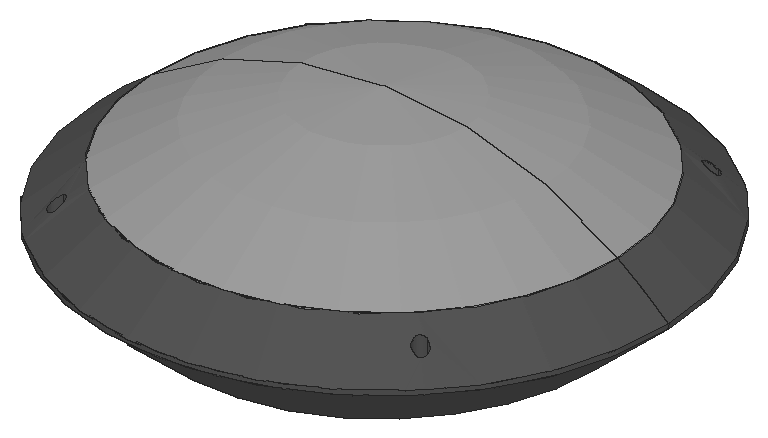
Revit family "0049016+0049032", category Lighting Fixtures, host Face, Revit 2017
Family settings
  Host = Face
  Round Connector Dimension = Use Diameter
  Part Type = Normal
  OmniClass Number = 23.80.70.00
  OmniClass Title = Lighting
  Cut with Voids When Loaded = No
  Light Source = Yes
  Shared = No
  Room Calculation Point = No
Parameters (values of type "0049016 Srt Surface IP66 2400lm 830 WH - 16.5 W")
  WidthCover_SYL = if([300mm_SYL], 27.5 mm, 31.3 mm)  # 31.3 mm
  WidthBottomSlope_SYL = if([300mm_SYL], 39.2 mm, 45.4 mm)  # 45.4 mm
  Weight = "10.0 kg"
  Wattage Comments = ""
  Wattage = 16.5 W
  WarrantyStartDate [instance] = "n/a"
  WarrantyGuarantorParts = "n/a"
  WarrantyDurationUnit = "n/a"
  WarrantyDurationParts = "n/a"
  WarrantyDescription = "n/a"
  built-in parameter 1150110 = 1 (stored number, unit not read)
  Voltage = 230 V
  URL = "http://www.sylvania-lighting.com"
  TypeName = "Start Surface IP66 2400lm 830 IK10 WHT - 16.5 W"
  Type Image = <None>
  Type Comments = "n/a"
  built-in parameter 1114217 = 1 (stored number, unit not read)
  Tilt Angle = -90.00°
  built-in parameter 1150109 = 1 (stored number, unit not read)
  built-in parameter 1150134 = (empty or 0)
  built-in parameter 1150113 = 1 (stored number, unit not read)
  SerialNumber [instance] = "n/a"
  RadiusTopOffset_SYL = RadiusFront_SYL - 2 mm  # 252 mm
  RadiusEyelid_SYL = 252.4 mm
  PowerFactor = 0
  PowerConsumption = "16.5 W"
  Photometric Web File = "0049016_17W.ies"
  NominalLength = 350 mm
  NominalHeight = 110 mm
  NominalDepth = 350 mm
  Name = "Start Surface IP66 2400lm 830 IK10 WHT - 16.5 W"
  ModelReference = Name  # "Start Surface IP66 2400lm 830 IK10 WHT - 16.5 W"
  ModelNumber = "0049016"
  Model = Name  # "Start Surface IP66 2400lm 830 IK10 WHT - 16.5 W"
  Material = "polycarbonate body, polycaarbonate housing"
  ManufacturerName = "Feilo Sylvania"
  Manufacturer = "Feilo Sylvania"
  LuminousEfficacy = "103.0 lm/W"
  built-in parameter 1150105 = 559.69 (stored number, unit not read)
  Lumens = 1700 lm
  LuminaireType = ""
  built-in parameter 1150115 = 1 (stored number, unit not read)
  LightOutputRatio = "n/a"
  built-in parameter 1150137 = (empty or 0)
  built-in parameter 1150139 = (empty or 0)
  LampsType = Lamp  # "LED"
  LampNominalLuminous = "1700 lm"
  LampMacAdamStep = "n/a"
  LampColourTemperature = "3000 K"
  LampColourRenderingIndex = "80"
  built-in parameter 1150112 = 1 (stored number, unit not read)
  built-in parameter 1150114 = 1 (stored number, unit not read)
  Lamp = "LED"
  Keynote = "16500"
  InstallationDate [instance] = "n/a"
  InputVoltage = "220-240 V AC"
  InputNominalFrequency = "50/60 Hz"
  built-in parameter 1150132 = (empty or 0)
  built-in parameter 1150102 = (empty or 0)
  built-in parameter 1150107 = 3000 (stored number, unit not read)
  built-in parameter 1150138 = (empty or 0)
  IngressProtection = "IP66"
  ImpactProtectionIndex = "IK10"
  built-in parameter 1150106 = 5.5969 (stored number, unit not read)
  IfcExportType = "IfcLightFixtureType"
  IfcExportAs = "IfcLightFixtureType"
  HoleRad_SYL = if([300mm_SYL], 134 mm, 158.3 mm)  # 158.3 mm
  HoleHoleRad_SYL = 4.7 mm
  HoleAngle_SYL = 45.00°
  Height_SYL = if([300mm_SYL], 95 mm, 113 mm)  # 113 mm
  HeightFrontSlope_SYL = if([300mm_SYL], 22 mm, 26 mm)  # 26 mm
  HeightBottomSlope_SYL = if([300mm_SYL], 30 mm, 38 mm)  # 38 mm
  RadiusFront_SYL = if([300mm_SYL], 216.5 mm, 254 mm)  # 254 mm
  Eyelid_SYL = no
  ExpectedLife = 50000
  Emit from Circle Diameter = Diameter_SYL - 2 * WidthCover_SYL  # 287.4 mm
  Emit Shape Visible in Rendering = no
  ElectricShockClassification = "Class II"
  built-in parameter 1150104 = 9.5718 (stored number, unit not read)
  DurationUnit = "hours"
  DocumentationLiterature = "http://www.sylvania-lighting.com/product/en-int/products/0049016"
  DimmingControlOptions = "Non dimmable"
  Material_2_SYL = LED-Sylvania-StartSurfaceIP66
  Dimming Lamp Color Temperature Shift = <None>
  Diameter_SYL = if([300mm_SYL], 300 mm, 350 mm)  # 350 mm
  Description = "LED exterior surface mounted luminaire, 350mm diameter, 2400lm as max. lumen output, can be adjusted down to 1700lm by internal switch, 15W power consumption, 100lm/W efficacy, 3000K color temperature, CRI80, non-dimmable, IP66, IK10, 50,000 hours (L70), white housing, vandal resistant"
  Default Elevation = 1219.2 mm
  CreatedOn = "7/9/2019"
  CreatedBy = "@sylvania-lighting.com"
  Cost = 0
  Color Filter = 16777215
  built-in parameter 1114216 [instance] = (empty or 0)
  ClassificationValue = "EF_70_80"
  ClassificationName = "Uniclass2015"
  Material_1_SYL = Body-Sylvania-StartSurfaceIP66-Black
  BarCode [instance] = "n/a"
  built-in parameter 1114218 = 1 (stored number, unit not read)
  built-in parameter 1150133 = 10 (stored number, unit not read)
  AssetType = "Fixed"
  AssetIdentifier [instance] = "n/a"
  Assembly Code = "D5020200"
  Apparent Load = 16.5 VA
  Material_3_SYL = none
  300mm_SYL = no
Types (3, lengths in mm): name | Wattage | TypeName | PowerConsumption | Photometric Web File | Name | ModelReference | Model | LuminousEfficacy | built-in parameter 1150105 | Lumens | LampNominalLuminous | built-in parameter 1150106 | Eyelid_SYL | built-in parameter 1150104 | Apparent Load
  0049016 Srt Surface IP66 2400lm 830 WH - 24 W | 24 W | "Start Surface IP66 2400lm 830 IK10 WHT - 24 W" | "24 W" | "0049016_24W.ies" | "Start Surface IP66 2400lm 830 IK10 WHT - 24 W" | "Start Surface IP66 2400lm 830 IK10 WHT - 24 W" | "Start Surface IP66 2400lm 830 IK10 WHT - 24 W" | "100 lm/W" | 733.84 (stored number, unit not read) | 2400 lm | "2400 lm" | 7.3384 (stored number, unit not read) | no | 9.2903 (stored number, unit not read) | 24 VA
  0049016 Srt Surface IP66 2400lm 830 WH - 16.5 W | 16.5 W | "Start Surface IP66 2400lm 830 IK10 WHT - 16.5 W" | "16.5 W" | "0049016_17W.ies" | "Start Surface IP66 2400lm 830 IK10 WHT - 16.5 W" | "Start Surface IP66 2400lm 830 IK10 WHT - 16.5 W" | "Start Surface IP66 2400lm 830 IK10 WHT - 16.5 W" | "103.0 lm/W" | 559.69 (stored number, unit not read) | 1700 lm | "1700 lm" | 5.5969 (stored number, unit not read) | no | 9.5718 (stored number, unit not read) | 16.5 VA
  0049016+0049032 Srt Surface IP66 2400lm 830 WH - 24 W + Eyelid | 24 W | "Start Surface IP66 2400lm 830 IK10 WHT - 24 W" | "24 W" | "0049016+0049032.ies" | "Start Surface IP66 2400lm 830 IK10 WHT - 24 W" | "Start Surface IP66 2400lm 830 IK10 WHT - 24 W" | "Start Surface IP66 2400lm 830 IK10 WHT - 24 W" | "100 lm/W" | 733.84 (stored number, unit not read) | 2400 lm | "2400 lm" | 7.3384 (stored number, unit not read) | yes | 9.2903 (stored number, unit not read) | 24 VA
Reference planes
  plane 1 "Center (Front/Back)": y = 0
  plane 2: z = 0
  plane 3 "Center (Left/Right)": x = 0
  plane 4: x = 175
  plane 5: x = -175
  plane 6: z = 38
  plane 7: x = -129.6
  plane 8: x = 129.6
  plane 9: x = -143.7
  plane 10: z = 41
  plane 11: y = -13
  plane 12: z = 67
  plane 13: z = 113
  plane 14: z = 42.5
  plane 15: x = 0
  plane 16: x = -3.3
  plane 17: y = 3.25
  plane 18: y = -3.35
  plane 19: y = 44.25
  plane 20: y = -44.35
  plane 21: y = 50.75
  plane 22: y = -50.85
  plane 23: y = -91.85
  plane 24: y = 91.75
  plane 25: y = 97.75
  plane 26: y = -97.85
Forms (mm)
  Revolve 1, solid, material "Body-Sylvania-StartSurfaceIP66-Black" <- "Material_1_SYL"
    sketch origin (0, 0, 0) x (1, 0, 0) y (0, 0, 1)
      loop
        line (0, 0) -> (0, 41) -> (-143.7, 41) -> (-143.7, 66.348)
        arc (-143.7, 66.348) -> (-159.853, 54.295) -> (-175, 41) r 254
        line (-175, 41) -> (-175, 38) -> (-129.6, 0) -> (0, 0)
      axis (0, 66.348) -> (0, 0)
    angle from 360 to 0
  Extrusion 2, void
    sketch origin (-1524.635, -4572, 41) x (0, -1, 0) y (-1, 0, 0)
      loop
        line (-4367.393, -1349.635) -> (-4559, -1349.635)
        arc (-4559, -1349.635) -> (-4576.647, -1524.635) -> (-4559, -1699.635) r 876.532
        line (-4559, -1699.635) -> (-4367.393, -1699.635) -> (-4367.393, -1349.635)
    from -85.687 to 41
  Extrusion 3, void
    sketch origin (-1534.635, -4572, 67) x (0, -1, 0) y (-1, 0, 0)
      loop
        circle (-4683.935, -1422.7) r 4.7
      loop
        circle (-4683.935, -1646.57) r 4.7
      loop
        circle (-4460.065, -1646.57) r 4.7
      loop
        circle (-4460.065, -1422.7) r 4.7
    from 0.652 to 29
  Revolve 4, solid, material "LED-Sylvania-StartSurfaceIP66" <- "Material_2_SYL"
    sketch origin (0, 0, 0) x (1, 0, 0) y (0, 0, 1)
      loop
        line (-143.7, 66.348) -> (-143.7, 63.918)
        arc (-143.7, 63.918) -> (-75.289, 97.395) -> (0, 108.905) r 252
        line (0, 108.905) -> (0, 110.905)
        arc (0, 110.905) -> (-75.225, 99.51) -> (-143.7, 66.348) r 254
      axis (0, 110.905) -> (0, 63.918)
    angle from 360 to 0
  Revolve 5, solid, material "Body-Sylvania-StartSurfaceIP66-Black" <- "Material_1_SYL", visible <- "Eyelid_SYL"
    sketch origin (0, 0, 0) x (1, 0, 0) y (0, 0, 1)
      loop
        line (-175, 42.5) -> (-175, 41)
        arc (-175, 41) -> (-94.223, 92.782) -> (0, 110.905) r 254
        line (0, 110.905) -> (0, 113.019)
        arc (0, 113.019) -> (-94.337, 94.726) -> (-175, 42.5) r 252.4
      axis (0, 113.019) -> (0, 41)
    angle from 360 to 0
Cuts and joins
  Extrusion 3 cuts Revolve 1
  Extrusion 2, Extrusion 3 cuts Revolve 5
Lines and regions (mm)
  reference lines
    curve 1: circle (0, 0, 0) r 158.3 normal (0, 0, 1)
    curve 2: line (0, 0, 0) -> (-111.935, 111.935, 0)
    curve 3: line (0, 0, 0) -> (111.935, 111.935, 0)
    curve 4: line (0, 0, 0) -> (-111.935, -111.935, 0)
    curve 5: line (0, 0, 0) -> (111.935, -111.935, 0)
    curve 6: arc (-175, 0, 41) -> (-61.42, 0, 103.367) -> (68.144, 0, 101.593) r 254
    curve 7: circle (0, 0, 41) r 158.3 normal (0, 0, 1)
    curve 8: line (111.935, -108.883, 41) -> (111.935, -111.935, 41)
    curve 9: circle (111.935, -111.935, 41) r 4.7 normal (0, 0, 1)
    curve 10: line (111.935, 111.935, 41) -> (111.935, 116.935, 41)
    curve 11: line (-111.935, 111.935, 41) -> (-111.935, 116.935, 41)
    curve 12: line (-111.935, -111.935, 41) -> (-111.935, -116.935, 41)
    curve 13: circle (-111.935, 111.935, 41) r 4.7 normal (0, 0, 1)
    curve 14: circle (111.935, 111.935, 41) r 4.7 normal (0, 0, 1)
    curve 15: circle (-111.935, -111.935, 41) r 4.7 normal (0, 0, 1)
    curve 16: arc (129.6, 0, 73.025) -> (-8.393, 0, 108.765) -> (-143.7, 0, 63.918) r 252
    curve 17: arc (-175, 0, 42.5) -> (0, 0, 113.019) -> (175, 0, 42.5) r 252.4
    curve 18: circle (0, 0, 67) r 145.5 normal (0, 0, 1)
Dimensions and locks
  equal spacing: plane 4, plane 3 "Center (Left/Right)", plane 5
  "Diameter_SYL": plane 4 to plane 5
  equal spacing: plane 8, plane 3 "Center (Left/Right)", plane 7
  "WidthBottomSlope_SYL": plane 7 to plane 5
  locked: plane 10 to plane 6 at 3
  locked: plane 11 to plane 1 "Center (Front/Back)" at 13
  "WidthCover_SYL": plane 9 to plane 5
  locked: plane 1 "Center (Front/Back)" to host face at 300
  "HeightBottomSlope_SYL": plane 6 to plane 2
  "HeightFrontSlope_SYL": plane 12 to plane 10
  "Height_SYL": plane 13 to plane 2
  locked: plane 14 to plane 10 at 1.5
  plane 26 to plane 23 to plane 22 to plane 20 to plane 18 to plane 17 to plane 19 to plane 21 to plane 24 to plane 25 = 6 mm locked, 41 mm locked, 6.5 mm locked, 41 mm locked, 6.6 mm locked, 41 mm locked, 6.5 mm locked, 41 mm locked, 6 mm locked
  locked: plane 1 "Center (Front/Back)" to plane 17 at 3.25
  "HoleRad_SYL": radius of curve 1
  "RadiusFront_SYL": radius of curve 6
  "HoleRad_SYL": radius of curve 7
  "HoleHoleRad_SYL": radius of curve 9
  "HoleHoleRad_SYL": radius of curve 13
  "HoleHoleRad_SYL": radius of curve 14
  "HoleHoleRad_SYL": radius of curve 15
  "RadiusTopOffset_SYL": radius of curve 16
  "RadiusEyelid_SYL": radius of curve 17
  radius of curve 18 = 145.5 mm
  "HoleAngle_SYL": angle curve 2 to plane 1 "Center (Front/Back)"
  "HoleAngle_SYL": angle plane 1 "Center (Front/Back)" to curve 3
  "HoleAngle_SYL": angle plane 1 "Center (Front/Back)" to curve 4
  "HoleAngle_SYL": angle curve 5 to plane 1 "Center (Front/Back)"
  aligned and locked: plane 2 to host face
  aligned and locked: level to host face
  aligned and locked: Revolve 1 sketch curve to plane 3 "Center (Left/Right)"  (x2)
  aligned and locked: level to Revolve 1 sketch curve
  aligned and locked: plane 5 to Revolve 1 sketch curve
  aligned and locked: Revolve 1 sketch curve to plane 10
  aligned and locked: plane 4 to Extrusion 2
  aligned and locked: Extrusion 2 to plane 5
  aligned and locked: plane 3 "Center (Left/Right)" to curve 6
  aligned and locked: Extrusion 2 to level
  aligned and locked: plane 10 to curve 6
  aligned and locked: Revolve 1 sketch curve to curve 6
  aligned and locked: plane 3 "Center (Left/Right)" to curve 7
  aligned and locked: plane 1 "Center (Front/Back)" to curve 7
  aligned and locked: plane 3 "Center (Left/Right)" to curve 5
  aligned and locked: curve 8 to curve 5
  aligned and locked: curve 5 to curve 9
  aligned and locked: curve 8 to curve 9
  aligned and locked: curve 3 to curve 10
  aligned and locked: curve 2 to curve 11
  aligned and locked: curve 4 to curve 12
  aligned and locked: curve 2 to curve 13
  aligned and locked: curve 13 to curve 11
  aligned and locked: curve 4 to curve 15
  aligned and locked: curve 15 to curve 12
  aligned and locked: curve 3 to curve 14
  aligned and locked: curve 14 to curve 10
  aligned and locked: Extrusion 3 sketch curve to curve 13
  aligned and locked: Extrusion 3 sketch curve to curve 14
  aligned and locked: Extrusion 3 sketch curve to curve 9
  aligned and locked: Extrusion 3 sketch curve to curve 15
  aligned and locked: Revolve 1 to Extrusion 3
  aligned and locked: Extrusion 3 to plane 6
  aligned and locked: Revolve 4 sketch curve to plane 3 "Center (Left/Right)"  (x2)
  aligned and locked: plane 9 to curve 16
  aligned and locked: plane 8 to curve 16
  aligned and locked: plane 3 "Center (Left/Right)" to curve 16
  aligned and locked: Revolve 4 sketch curve to curve 6
  aligned and locked: Revolve 4 sketch curve to curve 16
  aligned and locked: Revolve 4 sketch curve to plane 9
  aligned and locked: Extrusion 2 to plane 2
  aligned and locked: plane 4 to curve 17
  aligned and locked: plane 14 to curve 17  (x2)
  aligned and locked: plane 5 to curve 17
  aligned and locked: Revolve 5 sketch curve to curve 17
  aligned and locked: Revolve 5 sketch curve to plane 3 "Center (Left/Right)"  (x2)
  aligned and locked: Revolve 5 sketch curve to plane 5
  aligned and locked: Revolve 5 sketch curve to curve 6
  aligned and locked: plane 13 to imposter light
  aligned and locked: plane 15 to imposter light
  aligned and locked: plane 1 "Center (Front/Back)" to imposter light
  aligned and locked: imposter light to plane 3 "Center (Left/Right)"
Automatic sketch dimensions
  host sketch curve to host sketch curve = 600 mm  (x2)
  plane 1 "Center (Front/Back)" to curve 1 = 0 mm
  curve 1 to plane 3 "Center (Left/Right)" = 0 mm
  plane 1 "Center (Front/Back)" to curve 3 = 0 mm
  curve 6 to curve 16 = 0 mm
  curve 6 to plane 5 = 0 mm
  curve 6 to plane 13 = 11.407 mm
  Revolve 1 sketch curve to plane 9 = 0 mm
  Revolve 1 sketch curve to plane 7 = 0 mm
  Revolve 1 sketch curve to plane 6 = 0 mm
  Revolve 1 sketch curve to Revolve 1 sketch curve = 486.484 mm
  plane 13 to Revolve 1 sketch curve = 2508.512 mm
  Extrusion 2 sketch curve to plane 4 = 0 mm
  plane 11 to Extrusion 2 sketch curve = 0 mm  (x2)
  Extrusion 2 sketch curve to plane 5 = 0 mm
  plane 26 to Extrusion 2 sketch curve = 106.757 mm
  Extrusion 2 sketch curve to Extrusion 2 sketch curve = 667.277 mm
  curve 10 to curve 10 = 5 mm
  curve 11 to curve 11 = 5 mm
  curve 8 to curve 8 = 3.052 mm
  curve 15 to curve 12 = 5 mm
  Revolve 4 sketch curve to Revolve 4 sketch curve = 486.484 mm
  plane 13 to Revolve 4 sketch curve = 2513.579 mm
  Revolve 5 sketch curve to Revolve 5 sketch curve = 466.505 mm
  Revolve 5 sketch curve to Revolve 5 sketch curve = 2496.039 mm
  plane 1 "Center (Front/Back)" to curve 18 = 0 mm
  curve 18 to plane 3 "Center (Left/Right)" = 0 mm
Connectors
  electrical at (0, 0, 0), driven by "Apparent Load", driven by "PowerFactor", driven by "Voltage"
    settings: index 1, voltage 230 V, apparent load 16.5 VA, apparent load phase1 0 VA, apparent load phase2 0 VA, apparent load phase3 0 VA, power factor 0, load classification "Lighting", number of poles 1, system type 30, power factor state 1, is connector primary yes, connector utility no, sub classification motor no, connector description ""
